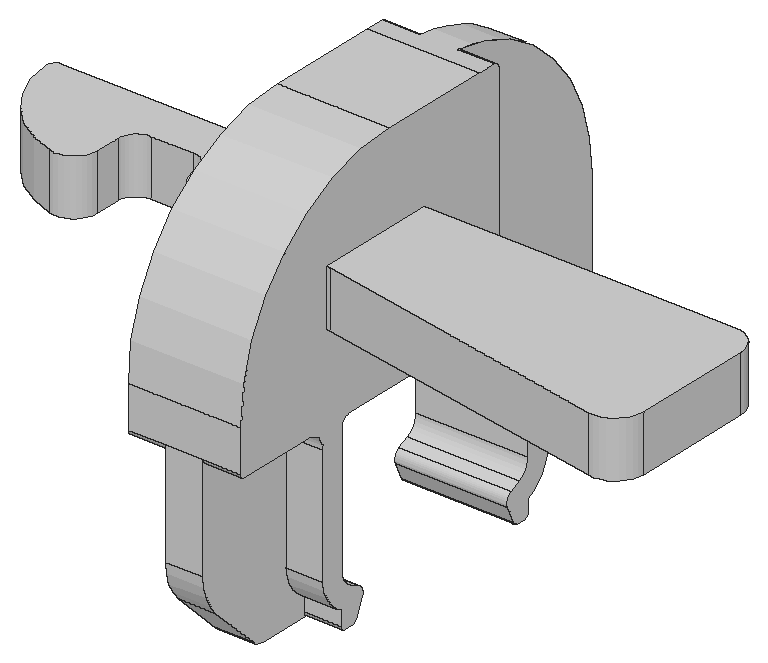
Revit family "EV_MEGALITE CLAMP_1920818", category Generic Models, Revit 2018
Family settings
  Can host rebar = No
  Round Connector Dimension = Use Diameter
  Part Type = Normal
  OmniClass Number = 35.51.14.00
  OmniClass Title = FORMWORK
  Work Plane-Based = Yes
  Always vertical = No
  Cut with Voids When Loaded = No
  Shared = Yes
  Room Calculation Point = No
Parameters
  VERSION = "20170217"  # constant formula
  URL = "www.ulmaconstruction.com/en"
  UNICLASS = ""
  Manufacturer = "ULMA CONSTRUCTION"  # constant formula
  ITEM_CODE = "1920818"
  FILTER [instance] = ""
  Default Elevation = 0.000 mm
  CLASSIFICATION_TITLE = ""
  CLASSIFICATION_NUMBER = ""
Reference planes
  plane 1 "Centro (Frontal/Posterior)": y = 0
  plane 2: z = 0
  plane 3 "Centro (Izquierda/Derecha)": x = 0
  plane 4 "RIGHT SIDE": y = -50
Forms (mm)
  Extrusion 1, solid, material "ULMA ZINC"
    sketch origin (0, -25, 0) x (1, 0, 0) y (0, 1, 0)
      loop
        arc (-25.333, -17.252) -> (-24.059, -21.341) -> (-20.383, -23.539) r 6
        line (-20.383, -23.539) -> (-13, -24.836) -> (13, -29.406) -> (77.617, -40.763)
        arc (77.617, -40.763) -> (82.513, -39.449) -> (84.655, -34.853) r 6
        line (84.655, -34.853) -> (84.655, -9)
        arc (84.655, -9) -> (82.898, -4.757) -> (78.655, -3) r 6
        line (78.655, -3) -> (13, -3) -> (-13, -3) -> (-65.258, -3)
        arc (-65.258, -3) -> (-66.732, -3.649) -> (-67.25, -5.174) r 2
        arc (-67.25, -5.174) -> (-61.424, -19.155) -> (-48.595, -27.206) r 25
        arc (-48.595, -27.206) -> (-44.283, -26.318) -> (-42.345, -22.365) r 5
        line (-42.345, -22.365) -> (-42.345, -17)
        arc (-42.345, -17) -> (-41.173, -14.172) -> (-38.345, -13) r 4
        line (-38.345, -13) -> (-29.345, -13)
        arc (-29.345, -13) -> (-26.429, -14.262) -> (-25.333, -17.252) r 4
    from 19 to 31
  Extrusion 2, solid, material "ULMA ZINC", detail levels fine
    sketch origin (0, -25, 0) x (0, 1, 0) y (0, 0, 1)
      loop
        arc (-19.516, -36.808) -> (-19.441, -35.279) -> (-20.468, -34.144) r 2
        line (-20.468, -34.144) -> (-22.711, -33.083)
        arc (-22.711, -33.083) -> (-24.38, -31.607) -> (-25, -29.468) r 4
        line (-25, -29.468) -> (-25, -2)
        arc (-25, -2) -> (-24.414, -0.586) -> (-23, 0) r 2
        line (-23, 0) -> (23, 0)
        arc (23, 0) -> (24.414, -0.586) -> (25, -2) r 2
        line (25, -2) -> (25, -29.468)
        arc (25, -29.468) -> (24.38, -31.607) -> (22.711, -33.083) r 4
        line (22.711, -33.083) -> (20.468, -34.144)
        arc (20.468, -34.144) -> (19.441, -35.279) -> (19.516, -36.808) r 2
        line (19.516, -36.808) -> (21.229, -40.428)
        arc (21.229, -40.428) -> (21.598, -40.845) -> (22.133, -41) r 1
        line (22.133, -41) -> (35.843, -41)
        arc (35.843, -41) -> (37.374, -40.696) -> (38.672, -39.828) r 4
        line (38.672, -39.828) -> (48.485, -30.015)
        arc (48.485, -30.015) -> (51.087, -26.122) -> (52, -21.529) r 12
        line (52, -21.529) -> (52, 10)
        arc (52, 10) -> (40.284, 38.284) -> (12, 50) r 40
        line (12, 50) -> (-12, 50)
        arc (-12, 50) -> (-40.284, 38.284) -> (-52, 10) r 40
        line (-52, 10) -> (-52, 1) -> (-52, -21.529)
        arc (-52, -21.529) -> (-51.087, -26.122) -> (-48.485, -30.015) r 12
        line (-48.485, -30.015) -> (-38.672, -39.828)
        arc (-38.672, -39.828) -> (-37.374, -40.696) -> (-35.843, -41) r 4
        line (-35.843, -41) -> (-24, -41) -> (-22.133, -41)
        arc (-22.133, -41) -> (-21.598, -40.845) -> (-21.229, -40.428) r 1
        line (-21.229, -40.428) -> (-19.516, -36.808)
    from -12 to 12
  Extrusion 3, void
    sketch origin (0, -25, 0) x (0, 1, 0) y (0, 0, 1)
      loop
        arc (-25, -36.867) -> (-28.482, -33.831) -> (-30, -29.468) r 9
        line (-30, -29.468) -> (-30, -4)
        arc (-30, -4) -> (-31.172, -1.172) -> (-34, 0) r 4
        line (-34, 0) -> (-51, 0)
        arc (-51, 0) -> (-51.707, 0.293) -> (-52, 1) r 1
        line (-52, 1) -> (-52, -21.529)
        arc (-52, -21.529) -> (-51.087, -26.122) -> (-48.485, -30.015) r 12
        line (-48.485, -30.015) -> (-38.672, -39.828)
        arc (-38.672, -39.828) -> (-37.374, -40.696) -> (-35.843, -41) r 4
        line (-35.843, -41) -> (-24, -41)
        arc (-24, -41) -> (-24.707, -40.707) -> (-25, -40) r 1
        line (-25, -40) -> (-25, -36.867)
    from 4 to 12
  Extrusion 4, void
    sketch origin (0, -25, 0) x (0, 1, 0) y (0, 0, 1)
      loop
        arc (-25, -36.867) -> (-28.482, -33.831) -> (-30, -29.468) r 9
        line (-30, -29.468) -> (-30, -4)
        arc (-30, -4) -> (-31.172, -1.172) -> (-34, 0) r 4
        line (-34, 0) -> (-51, 0)
        arc (-51, 0) -> (-51.707, 0.293) -> (-52, 1) r 1
        line (-52, 1) -> (-52, -21.529)
        arc (-52, -21.529) -> (-51.087, -26.122) -> (-48.485, -30.015) r 12
        line (-48.485, -30.015) -> (-38.672, -39.828)
        arc (-38.672, -39.828) -> (-37.374, -40.696) -> (-35.843, -41) r 4
        line (-35.843, -41) -> (-24, -41)
        arc (-24, -41) -> (-24.707, -40.707) -> (-25, -40) r 1
        line (-25, -40) -> (-25, -36.867)
    from -12 to -4
  Extrusion 5, void
    sketch origin (0, -25, 0) x (0, 1, 0) y (0, 0, 1)
      loop
        line (17, 48.794) -> (17, 7)
        arc (17, 7) -> (17.586, 5.586) -> (19, 5) r 2
        line (19, 5) -> (23, 5)
        arc (23, 5) -> (27.95, 2.95) -> (30, -2) r 7
        line (30, -2) -> (30, -29.468)
        arc (30, -29.468) -> (28.649, -34.211) -> (25, -37.53) r 9
        line (25, -37.53) -> (25, -40)
        arc (25, -40) -> (24.707, -40.707) -> (24, -41) r 1
        line (24, -41) -> (35.843, -41)
        arc (35.843, -41) -> (37.374, -40.696) -> (38.672, -39.828) r 4
        line (38.672, -39.828) -> (48.485, -30.015)
        arc (48.485, -30.015) -> (51.087, -26.122) -> (52, -21.529) r 12
        line (52, -21.529) -> (52, 10)
        arc (52, 10) -> (41.699, 36.795) -> (16.103, 49.789) r 40
        arc (16.103, 49.789) -> (16.742, 49.464) -> (17, 48.794) r 1
    from 4 to 12
  Extrusion 6, void
    sketch origin (0, -25, 0) x (0, 1, 0) y (0, 0, 1)
      loop
        line (17, 48.794) -> (17, 7)
        arc (17, 7) -> (17.586, 5.586) -> (19, 5) r 2
        line (19, 5) -> (23, 5)
        arc (23, 5) -> (27.95, 2.95) -> (30, -2) r 7
        line (30, -2) -> (30, -29.468)
        arc (30, -29.468) -> (28.649, -34.211) -> (25, -37.53) r 9
        line (25, -37.53) -> (25, -40)
        arc (25, -40) -> (24.707, -40.707) -> (24, -41) r 1
        line (24, -41) -> (35.843, -41)
        arc (35.843, -41) -> (37.374, -40.696) -> (38.672, -39.828) r 4
        line (38.672, -39.828) -> (48.485, -30.015)
        arc (48.485, -30.015) -> (51.087, -26.122) -> (52, -21.529) r 12
        line (52, -21.529) -> (52, 10)
        arc (52, 10) -> (41.699, 36.795) -> (16.103, 49.789) r 40
        arc (16.103, 49.789) -> (16.742, 49.464) -> (17, 48.794) r 1
    from -12 to -4
  Extrusion 7, solid, material "ULMA ZINC", detail levels coarse+medium
    sketch origin (0, 0, 0) x (1, 0, 0) y (0, 1, 0)
      loop
        line (-12, 27) -> (-12, -77) -> (12, -77) -> (12, 27) -> (-12, 27)
    from 0 to 50
Cuts and joins
  Extrusion 3, Extrusion 4, Extrusion 5, Extrusion 6 cuts Extrusion 2
  Extrusion 3, Extrusion 4, Extrusion 5, Extrusion 6 cuts Extrusion 1
Lines and regions (mm)
  model lines, style "ULMA CONNECTORS", detail levels fine
    curve 1: circle (-54.345, -37, 31) r 4.125 normal (0, 0, 1)
    curve 2: circle (-54.345, -37, 19) r 4.125 normal (0, 0, 1)
Dimensions and locks
  locked: plane 4 "RIGHT SIDE" to plane 1 "Centro (Frontal/Posterior)" at 50
  aligned and locked: level to plane 2
